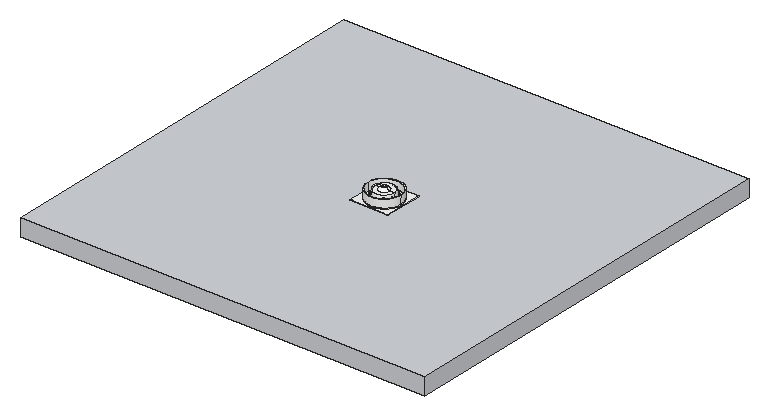
Revit family
Parameters (values of type "2"")
  WFU = 0
  URL = "WWW.MIFAB.COM"
  Squre = 9.000"
  Roof Drain Material = Paint - Sherwin Williams Paint - #952C2A - Bellwood Red
  Pipe Radius = 1.000"
  Pipe Diameter = Pipe Radius * 2  # 2.000"
  Model = "R1100-RS"
  Manufacturer = "MIFAB"
  Description = "CONDENSATE RECEPTOR DRAIN"
  Default Elevation = 0.000"
  Body Height = 3.375"
Types (6): name | Pipe Radius | Pipe Diameter | Body Height
  (no name) | 1.000" | 2.000" | 3.375"
  2" | 1.000" | 2.000" | 3.375"
  3" | 1.500" | 3.000" | 3.375"
  4" | 2.000" | 4.000" | 3.375"
  5" | 2.500" | 5.000" | 4.750"
  6" | 3.000" | 6.000" | 4.750"
Reference planes (in)
  plane 1 "Center (Front/Back)": y = 0
  plane 2: z = 0
  plane 3 "Center (Left/Right)": x = 0
  plane 4: x = 1.2
  plane 5: x = 3.25
  plane 6: x = 3.65625
  plane 7: x = 4
  plane 8: x = 1
  plane 9: z = -3.375
  plane 10: z = -2.20588
  plane 11: z = -1.69598
  plane 12: z = -0.2
  plane 13: z = 0.2085
  plane 14: z = -1
  plane 15: x = 3.5
  plane 16: z = 5.5
  plane 17: x = 3.05538
  plane 18: x = 3.29924
  plane 19: z = 0.7
  plane 20: z = 2
  plane 21: z = 4.85879
  plane 22: x = -0.25
  plane 23: x = 0.25
  plane 24: y = 4.5
  plane 25: y = -4.5
  plane 26: x = -4.5
  plane 27: x = 4.5
  plane 28: z = 0.07374
  plane 29: z = 2.5
Forms (in)
  Extrusion 1, solid
    sketch origin (0, 0, 0) x (1, 0, 0) y (0, 1, 0)
      loop
        line (-48, 48) -> (-48, -48) -> (48, -48) -> (48, 48) -> (-48, 48)
    from 0 to -4
  Revolve 2, solid, material "Paint - Sherwin Williams Paint - #952C2A - Bellwood Red" <- "Roof Drain Material"
    sketch origin (0, 0, 0) x (1, 0, 0) y (0, 0, 1)
      loop
        line (1.2, -3.375) -> (1.2, -2.20588) -> (3.25, -1.69598) -> (3.25, -1) -> (3.65625, -1) -> (3.65625, -0.2) -> (4, -0.2) -> (4, 0.2085) -> (3.05, 0.2085) -> (3.05, -1.58184) -> (1, -2.09174) -> (1, -3.375) -> (1.2, -3.375)
      axis (0, 0.2085) -> (0, -3.375)
    angle from 0 to 360
  Revolve 3, solid, material "Paint - Sherwin Williams Paint - #952C2A - Bellwood Red" <- "Roof Drain Material"
    sketch origin (0, 0, 0) x (1, 0, 0) y (0, 0, 1)
      loop
        line (2.56924, 0.20885) -> (3.1375, 0.20885) -> (3.1375, 0.37788) -> (2.66377, 0.37788) -> (2.40587, 1.99285) -> (1.12876, 1.99285) -> (0.62476, 2.5) -> (0, 2.5) -> (0, 2.4) -> (0.58316, 2.4) -> (1.08005, 1.9) -> (2.29917, 1.9) -> (2.56924, 0.20885)
      axis (0, 0.20885) -> (0, 2.5)
    angle from 0 to 360
  Extrusion 4, void
    sketch origin (0, -0.03234, 0) x (1, 0, 0) y (0, 0, 1)
      loop
        arc (-0.05625, 1.75) -> (-0.12696, 1.72071) -> (-0.15625, 1.65) r 0.1
        line (-0.15625, 1.65) -> (-0.15625, 0.43125) -> (0.15625, 0.43125) -> (0.15625, 1.65)
        arc (0.15625, 1.65) -> (0.12696, 1.72071) -> (0.05625, 1.75) r 0.1
        line (0.05625, 1.75) -> (-0.05625, 1.75)
    from -2.8101 to 2.71766
  Extrusion 5, void
    sketch origin (-0.04776, 0.00236, 0) x (0.309017, -0.951057, 0) y (0, 0, 1)
      loop
        arc (-0.05625, 1.75) -> (-0.12696, 1.72071) -> (-0.15625, 1.65) r 0.1
        line (-0.15625, 1.65) -> (-0.15625, 0.43125) -> (0.15625, 0.43125) -> (0.15625, 1.65)
        arc (0.15625, 1.65) -> (0.12696, 1.72071) -> (0.05625, 1.75) r 0.1
        line (0.05625, 1.75) -> (-0.05625, 1.75)
    from -2.8101 to 2.71766
  Extrusion 6, void
    sketch origin (0.04776, 0.00236, 0) x (0.309017, 0.951057, 0) y (0, 0, 1)
      loop
        arc (-0.05625, 1.75) -> (-0.12696, 1.72071) -> (-0.15625, 1.65) r 0.1
        line (-0.15625, 1.65) -> (-0.15625, 0.43125) -> (0.15625, 0.43125) -> (0.15625, 1.65)
        arc (0.15625, 1.65) -> (0.12696, 1.72071) -> (0.05625, 1.75) r 0.1
        line (0.05625, 1.75) -> (-0.05625, 1.75)
    from -2.8101 to 2.71766
  Extrusion 7, void
    sketch origin (0.02952, 0.0585, 0) x (-0.809017, 0.587785, 0) y (0, 0, 1)
      loop
        arc (-0.05625, 1.75) -> (-0.12696, 1.72071) -> (-0.15625, 1.65) r 0.1
        line (-0.15625, 1.65) -> (-0.15625, 0.43125) -> (0.15625, 0.43125) -> (0.15625, 1.65)
        arc (0.15625, 1.65) -> (0.12696, 1.72071) -> (0.05625, 1.75) r 0.1
        line (0.05625, 1.75) -> (-0.05625, 1.75)
    from -2.8101 to 2.71766
  Extrusion 8, void
    sketch origin (-0.02952, 0.0585, 0) x (-0.809017, -0.587785, 0) y (0, 0, 1)
      loop
        arc (-0.05625, 1.75) -> (-0.12696, 1.72071) -> (-0.15625, 1.65) r 0.1
        line (-0.15625, 1.65) -> (-0.15625, 0.43125) -> (0.15625, 0.43125) -> (0.15625, 1.65)
        arc (0.15625, 1.65) -> (0.12696, 1.72071) -> (0.05625, 1.75) r 0.1
        line (0.05625, 1.75) -> (-0.05625, 1.75)
    from -2.8101 to 2.71766
  Revolve 9, solid, material "Paint - Sherwin Williams Paint - #952C2A - Bellwood Red" <- "Roof Drain Material"
    sketch origin (0, 0, 0) x (1, 0, 0) y (0, 0, 1)
      loop
        line (4, 0.2085) -> (4, 2) -> (3.85, 2) -> (3.85, 0.2085) -> (4, 0.2085)
      axis (0, 0.2085) -> (0, 2)
    angle from 0 to 360
  Extrusion 10, solid, material "Paint - Sherwin Williams Paint - #952C2A - Bellwood Red" <- "Roof Drain Material"
    sketch origin (0, 0, 0) x (1, 0, 0) y (0, 1, 0)
      loop
        line (-4.5, 4.5) -> (-4.5, -4.5) -> (4.5, -4.5) -> (4.5, 4.5) -> (-4.5, 4.5)
      loop
        circle (0, 0.01788) r 4
    from 0 to 0.07374
Cuts and joins
  Extrusion 4, Extrusion 5, Extrusion 6, Extrusion 7, Extrusion 8 cuts Revolve 3
  joined: Revolve 9, Extrusion 10
Lines and regions (in)
  symbolic lines
    curve 1: line (-4.5, 4.5, 0) -> (4.5, 4.5, 0)
    curve 2: line (-4.5, -4.5, 0) -> (-4.5, 4.5, 0)
    curve 3: line (4.5, -4.5, 0) -> (-4.5, -4.5, 0)
    curve 4: line (4.5, 4.5, 0) -> (4.5, -4.5, 0)
    curve 5: circle (0, 0.01788, 0) r 4 normal (0, 0, 1)
    curve 6: circle (0, 0.01788, 0) r 3.84996 normal (0, 0, 1)
    curve 7: circle (0, 0.01788, 0) r 3.13745 normal (0, 0, 1)
    curve 8: circle (0, 0.01788, 0) r 2.66371 normal (0, 0, 1)
    curve 9: circle (0, 0.01788, 0) r 2.4058 normal (0, 0, 1)
  symbolic lines, style "PlumbingFixturesHiddenLines"
    curve 10: circle (0, 0.01788, 0) r 1 normal (0, 0, 1)
Dimensions and locks (in)
  "Pipe Radius": plane 8 to plane 3 "Center (Left/Right)"
  locked: plane 4 to plane 8 at 0.2
  plane 7 to plane 3 "Center (Left/Right)" = 4.000"
  plane 6 to plane 3 "Center (Left/Right)" = 3.65625"
  "Body Height": level to plane 9
  level to plane 12 = 0.200"
  locked: plane 15 to plane 3 "Center (Left/Right)" at 3.5
  locked: plane 16 to level at 5.5
  level to plane 14 = 1.000"
  Extrusion 1 to plane 11 = 1.69598"
  level to plane 10 = 2.20588"
  plane 20 to level = 2.000"
  locked: Revolve 3 sketch curve to Revolve 3 sketch curve at 0.12
  locked: Revolve 3 sketch curve to Revolve 3 sketch curve at 0.1  (x2)
  locked: plane 20 to Revolve 3 sketch curve at 0.1
  locked: plane 5 to plane 3 "Center (Left/Right)" at 3.25
  locked: plane 7 to Revolve 9 sketch curve at 0.15
  equal spacing: plane 24, plane 1 "Center (Front/Back)", plane 25
  equal spacing: plane 26, plane 3 "Center (Left/Right)", plane 27
  locked: plane 28 to plane 2 at 0.07374
  "Squre": plane 26 to plane 27
  "Squre": plane 24 to plane 25
  locked: plane 29 to plane 20 at 0.5
  Revolve 3 sketch curve to Revolve 3 sketch curve to Revolve 3 sketch curve to plane 3 "Center (Left/Right)" = 1.21912" locked, 0.49689" locked, 0.58316" locked
  "Pipe Radius": radius of curve 10
  aligned and locked: plane 2 to Extrusion 1
  aligned and locked: level to Extrusion 1
  aligned and locked: Revolve 2 sketch curve to plane 9
  aligned and locked: Revolve 2 sketch curve to plane 4
  aligned and locked: Revolve 2 sketch curve to plane 5
  aligned and locked: Revolve 2 sketch curve to plane 6
  aligned and locked: Revolve 2 sketch curve to plane 12
  aligned and locked: Revolve 2 sketch curve to plane 7
  aligned and locked: Revolve 2 sketch curve to plane 13
  aligned and locked: Revolve 2 sketch curve to plane 3 "Center (Left/Right)"
  aligned and locked: plane 14 to Revolve 2 sketch curve
  aligned and locked: plane 8 to Revolve 2 sketch curve
  aligned and locked: plane 3 "Center (Left/Right)" to Revolve 3 sketch curve
  aligned and locked: Revolve 3 sketch curve to plane 3 "Center (Left/Right)"
  aligned and locked: plane 3 "Center (Left/Right)" to Revolve 9 sketch curve
  aligned and locked: plane 7 to Revolve 9 sketch curve
  aligned and locked: Revolve 9 sketch curve to plane 20
  aligned and locked: plane 13 to Revolve 9 sketch curve
  aligned and locked: Extrusion 10 sketch curve to plane 24
  aligned and locked: Extrusion 10 sketch curve to plane 26
  aligned and locked: Extrusion 10 sketch curve to plane 25
  aligned and locked: Extrusion 10 sketch curve to plane 27
  aligned and locked: Revolve 3 sketch curve to plane 29
  aligned and locked: curve 1 to cut or joined group of Revolve 9, Extrusion 10
  aligned and locked: curve 2 to cut or joined group of Revolve 9, Extrusion 10
  aligned and locked: curve 3 to cut or joined group of Revolve 9, Extrusion 10
  aligned and locked: curve 4 to cut or joined group of Revolve 9, Extrusion 10
Automatic sketch dimensions
  Extrusion 1 sketch curve to Extrusion 1 sketch curve = 96.000"  (x2)
  Revolve 2 sketch curve to plane 10 = 0.000"
  Revolve 2 sketch curve to plane 11 = 0.000"
  Revolve 2 sketch curve to plane 5 = 0.200"
  plane 9 to Revolve 2 sketch curve = 5.000"
  Revolve 2 sketch curve to Revolve 2 sketch curve = 11.000"
  Revolve 2 sketch curve to plane 10 = 0.11414"
  Revolve 2 sketch curve to plane 11 = 0.11414"
  Extrusion 4 sketch curve to Extrusion 4 sketch curve = 0.100"  (x2)
  Extrusion 4 sketch curve to Extrusion 4 sketch curve = 0.1125"
  Extrusion 4 sketch curve to Extrusion 4 sketch curve = 1.21875"
  Extrusion 5 sketch curve to Extrusion 5 sketch curve = 0.100"  (x2)
  Extrusion 5 sketch curve to Extrusion 5 sketch curve = 0.1125"
  Extrusion 5 sketch curve to Extrusion 5 sketch curve = 1.21875"
  Extrusion 6 sketch curve to Extrusion 6 sketch curve = 0.100"  (x2)
  Extrusion 6 sketch curve to Extrusion 6 sketch curve = 0.1125"
  Extrusion 6 sketch curve to Extrusion 6 sketch curve = 1.21875"
  Extrusion 7 sketch curve to Extrusion 7 sketch curve = 0.100"  (x2)
  Extrusion 7 sketch curve to Extrusion 7 sketch curve = 0.1125"
  Extrusion 7 sketch curve to Extrusion 7 sketch curve = 1.21875"
  Extrusion 8 sketch curve to Extrusion 8 sketch curve = 0.100"  (x2)
  Extrusion 8 sketch curve to Extrusion 8 sketch curve = 0.1125"
  Extrusion 8 sketch curve to Extrusion 8 sketch curve = 1.21875"
  Revolve 3 sketch curve to plane 13 = 0.00035"
  Revolve 3 sketch curve to Revolve 3 sketch curve = 0.10669"
  Revolve 3 sketch curve to plane 13 = 0.16938"
  Revolve 3 sketch curve to plane 17 = 0.08212"
  plane 16 to Revolve 3 sketch curve = 3.750"
  Revolve 3 sketch curve to Revolve 3 sketch curve = 1.000"
  Revolve 3 sketch curve to plane 20 = 0.00715"
  Revolve 9 sketch curve to plane 21 = 1.35901"
  Revolve 9 sketch curve to plane 21 = 0.60901"
  Extrusion 10 sketch curve to plane 3 "Center (Left/Right)" = 0.000"
  Extrusion 10 sketch curve to plane 1 "Center (Front/Back)" = 0.01788"
  curve 5 to curve 6 = 0.000"
  curve 5 to curve 7 = 0.000"
  curve 5 to curve 8 = 0.000"
  curve 5 to curve 9 = 0.000"
  curve 5 to curve 10 = 0.000"
  curve 6 to curve 8 = 0.000"
  curve 7 to curve 10 = 0.000"
  curve 8 to curve 9 = 0.000"
  curve 8 to curve 10 = 0.000"
  curve 9 to curve 10 = 0.000"
  curve 8 to plane 3 "Center (Left/Right)" = 0.000"
  curve 8 to plane 1 "Center (Front/Back)" = 0.01788"
  radius of Extrusion 10 sketch curve = 4.000"
  radius of curve 5 = 4.000"
  radius of curve 6 = 3.84996"
  radius of curve 7 = 3.13745"
  radius of curve 8 = 2.66371"
  radius of curve 9 = 2.4058"
Connectors (in)
  piping at (0, 0, -3.375), driven by "Pipe Radius", driven by "WFU"
    settings: on Revolve 2, index 1, connector radius 1", flow factor 0, pipe flow 0 GPM, pressure drop 0.00 psi, fitting loss kfactor 0, connector angle 0.00°, fixture units 0, flow configuration 3, flow direction 2, fitting loss method 0, system type 16, connector reference index -1, connector utility 0, adjustable connector no, is connector primary yes, fitting loss table "", connector description "Sanitary Out"
